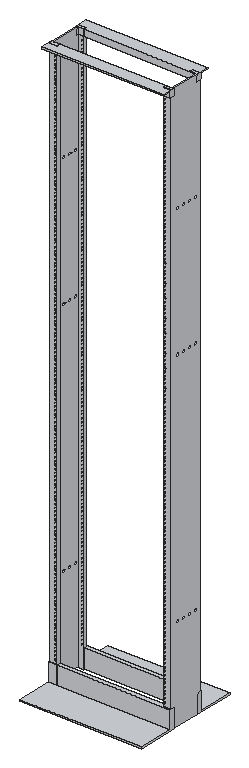
Revit family
Parameters
  Material ID = "760082503"
  Description = "6 IN (152 MM) CHANNEL X 8 FT (2438 MM)  - 19 IN (482.6 MM) AI EQUIPMENT RACK (52U)   12-24 TAPPED RAILS, BLACK"
Reference planes (in)
  plane 1 "Center (Front/Back)": y = 0
  plane 2: z = 0
  plane 3 "Center (Left/Right)": x = 0
Forms (in)
  Extrusion 1, solid, not visible
    sketch origin (0, -14.305, 0) x (1, 0, 0) y (0, 0, 1)
      loop
        line (-8.5516, 0.86) -> (-8.5516, 0.46) -> (-7.9516, 0.46) -> (-7.9516, 0.86) -> (-8.5516, 0.86)
    from 0 to 0.77696
  Extrusion 2, solid
    sketch origin (0, 0, -0.75) x (1, 0, 0) y (0, 0, 1)
      loop
        line (-10.155, 48) -> (-10.155, -48) -> (10.155, -48) -> (10.155, 48) -> (0, 48) -> (-10.155, 48)
    from 0 to 6
  Extrusion 3, void
    sketch origin (0, 0, 0) x (1, 0, 0) y (0, 0, 1)
      loop
        line (-8.905, 52.735) -> (-8.905, -50.62) -> (8.905, -50.62) -> (8.905, 52.735) -> (-8.905, 52.735)
    from 0 to 36
  Extrusion 4, solid
    sketch origin (0, 0, 0) x (0, 1, 0) y (0, 0, 1)
      loop
        line (-5.5, -48.75) -> (-5.5, -45.55) -> (-6.2, -45.55) -> (-6.2, -48.55) -> (-12.2, -48.55) -> (-12.2, -48.75) -> (-5.5, -48.75)
      loop
        line (-5.5, 47.25) -> (-7.575, 47.25) -> (-7.575, 47.05) -> (-6.2, 47.05) -> (-6.2, 46.19396) -> (-5.5, 46.19396) -> (-5.5, 47.25)
      loop
        line (-0.65329, 47.25) -> (-0.65329, 46.19396) -> (0.2, 46.19396) -> (0.2, 47.05) -> (1.575, 47.05) -> (1.575, 47.25) -> (-0.65329, 47.25)
      loop
        line (-0.39397, -48.75) -> (6.2, -48.75) -> (6.2, -48.55) -> (0.2, -48.55) -> (0.2, -45.55) -> (-0.39397, -45.55) -> (-0.39397, -48.75)
    from -10.155 to 10.155
  Extrusion 5, void
    sketch origin (0, 0, 0) x (0, 1, 0) y (0, 0, 1)
      loop
        circle (-3.375, -33) r 0.335
      loop
        circle (-4.625, -33) r 0.335
      loop
        circle (-3.375, 7) r 0.335
      loop
        circle (-4.625, 7) r 0.335
      loop
        circle (-3.375, 29) r 0.335
      loop
        circle (-4.625, 29) r 0.335
      loop
        circle (-0.875, -33) r 0.335
      loop
        circle (-2.125, -33) r 0.335
      loop
        circle (-0.875, 7) r 0.335
      loop
        circle (-2.125, 7) r 0.335
      loop
        circle (-0.875, 29) r 0.335
      loop
        circle (-2.125, 29) r 0.335
    from -24.88707 to 25.18322
  Extrusion 6, void
    sketch origin (0, 0, -14) x (1, 0, 0) y (0, 0, 1)
      loop
        circle (-9.175, 52.515) r 0.089
      loop
        circle (-9.175, 51.89) r 0.089
      loop
        circle (-9.175, 51.265) r 0.089
      loop
        circle (9.175, 52.515) r 0.089
      loop
        circle (9.175, 51.89) r 0.089
      loop
        circle (9.175, 51.265) r 0.089
    from 0 to 36
  Extrusion 7, void
    sketch origin (0, 0, -15.75) x (1, 0, 0) y (0, 0, 1)
      loop
        circle (-9.175, 52.515) r 0.089
      loop
        circle (-9.175, 51.89) r 0.089
      loop
        circle (-9.175, 51.265) r 0.089
      loop
        circle (9.175, 52.515) r 0.089
      loop
        circle (9.175, 51.89) r 0.089
      loop
        circle (9.175, 51.265) r 0.089
    from 0 to 36
  Extrusion 8, void
    sketch origin (0, 0, -17.5) x (1, 0, 0) y (0, 0, 1)
      loop
        circle (-9.175, 52.515) r 0.089
      loop
        circle (-9.175, 51.89) r 0.089
      loop
        circle (-9.175, 51.265) r 0.089
      loop
        circle (9.175, 52.515) r 0.089
      loop
        circle (9.175, 51.89) r 0.089
      loop
        circle (9.175, 51.265) r 0.089
    from 0 to 36
  Extrusion 9, void
    sketch origin (0, 0, -19.25) x (1, 0, 0) y (0, 0, 1)
      loop
        circle (-9.175, 52.515) r 0.089
      loop
        circle (-9.175, 51.89) r 0.089
      loop
        circle (-9.175, 51.265) r 0.089
      loop
        circle (9.175, 52.515) r 0.089
      loop
        circle (9.175, 51.89) r 0.089
      loop
        circle (9.175, 51.265) r 0.089
    from 0 to 36
  Extrusion 10, void
    sketch origin (0, 0, -21) x (1, 0, 0) y (0, 0, 1)
      loop
        circle (-9.175, 52.515) r 0.089
      loop
        circle (-9.175, 51.89) r 0.089
      loop
        circle (-9.175, 51.265) r 0.089
      loop
        circle (9.175, 52.515) r 0.089
      loop
        circle (9.175, 51.89) r 0.089
      loop
        circle (9.175, 51.265) r 0.089
    from 0 to 36
  Extrusion 11, void
    sketch origin (0, 0, -22.75) x (1, 0, 0) y (0, 0, 1)
      loop
        circle (-9.175, 52.515) r 0.089
      loop
        circle (-9.175, 51.89) r 0.089
      loop
        circle (-9.175, 51.265) r 0.089
      loop
        circle (9.175, 52.515) r 0.089
      loop
        circle (9.175, 51.89) r 0.089
      loop
        circle (9.175, 51.265) r 0.089
    from 0 to 36
  Extrusion 12, void
    sketch origin (0, 0, -24.5) x (1, 0, 0) y (0, 0, 1)
      loop
        circle (-9.175, 52.515) r 0.089
      loop
        circle (-9.175, 51.89) r 0.089
      loop
        circle (-9.175, 51.265) r 0.089
      loop
        circle (9.175, 52.515) r 0.089
      loop
        circle (9.175, 51.89) r 0.089
      loop
        circle (9.175, 51.265) r 0.089
    from 0 to 36
  Extrusion 13, void
    sketch origin (0, 0, -26.25) x (1, 0, 0) y (0, 0, 1)
      loop
        circle (-9.175, 52.515) r 0.089
      loop
        circle (-9.175, 51.89) r 0.089
      loop
        circle (-9.175, 51.265) r 0.089
      loop
        circle (9.175, 52.515) r 0.089
      loop
        circle (9.175, 51.89) r 0.089
      loop
        circle (9.175, 51.265) r 0.089
    from 0 to 36
  Extrusion 14, void
    sketch origin (0, 0, -28) x (1, 0, 0) y (0, 0, 1)
      loop
        circle (-9.175, 52.515) r 0.089
      loop
        circle (-9.175, 51.89) r 0.089
      loop
        circle (-9.175, 51.265) r 0.089
      loop
        circle (9.175, 52.515) r 0.089
      loop
        circle (9.175, 51.89) r 0.089
      loop
        circle (9.175, 51.265) r 0.089
    from 0 to 36
  Extrusion 15, void
    sketch origin (0, 0, -29.75) x (1, 0, 0) y (0, 0, 1)
      loop
        circle (-9.175, 52.515) r 0.089
      loop
        circle (-9.175, 51.89) r 0.089
      loop
        circle (-9.175, 51.265) r 0.089
      loop
        circle (9.175, 52.515) r 0.089
      loop
        circle (9.175, 51.89) r 0.089
      loop
        circle (9.175, 51.265) r 0.089
    from 0 to 36
  Extrusion 16, void
    sketch origin (0, 0, -31.5) x (1, 0, 0) y (0, 0, 1)
      loop
        circle (-9.175, 52.515) r 0.089
      loop
        circle (-9.175, 51.89) r 0.089
      loop
        circle (-9.175, 51.265) r 0.089
      loop
        circle (9.175, 52.515) r 0.089
      loop
        circle (9.175, 51.89) r 0.089
      loop
        circle (9.175, 51.265) r 0.089
    from 0 to 36
  Extrusion 17, void
    sketch origin (0, 0, -33.25) x (1, 0, 0) y (0, 0, 1)
      loop
        circle (-9.175, 52.515) r 0.089
      loop
        circle (-9.175, 51.89) r 0.089
      loop
        circle (-9.175, 51.265) r 0.089
      loop
        circle (9.175, 52.515) r 0.089
      loop
        circle (9.175, 51.89) r 0.089
      loop
        circle (9.175, 51.265) r 0.089
    from 0 to 36
  Extrusion 18, void
    sketch origin (0, 0, -35) x (1, 0, 0) y (0, 0, 1)
      loop
        circle (-9.175, 52.515) r 0.089
      loop
        circle (-9.175, 51.89) r 0.089
      loop
        circle (-9.175, 51.265) r 0.089
      loop
        circle (9.175, 52.515) r 0.089
      loop
        circle (9.175, 51.89) r 0.089
      loop
        circle (9.175, 51.265) r 0.089
    from 0 to 36
  Extrusion 19, void
    sketch origin (0, 0, -36.75) x (1, 0, 0) y (0, 0, 1)
      loop
        circle (-9.175, 52.515) r 0.089
      loop
        circle (-9.175, 51.89) r 0.089
      loop
        circle (-9.175, 51.265) r 0.089
      loop
        circle (9.175, 52.515) r 0.089
      loop
        circle (9.175, 51.89) r 0.089
      loop
        circle (9.175, 51.265) r 0.089
    from 0 to 36
  Extrusion 20, void
    sketch origin (0, 0, -38.5) x (1, 0, 0) y (0, 0, 1)
      loop
        circle (-9.175, 52.515) r 0.089
      loop
        circle (-9.175, 51.89) r 0.089
      loop
        circle (-9.175, 51.265) r 0.089
      loop
        circle (9.175, 52.515) r 0.089
      loop
        circle (9.175, 51.89) r 0.089
      loop
        circle (9.175, 51.265) r 0.089
    from 0 to 36
  Extrusion 21, void
    sketch origin (0, 0, -40.25) x (1, 0, 0) y (0, 0, 1)
      loop
        circle (-9.175, 52.515) r 0.089
      loop
        circle (-9.175, 51.89) r 0.089
      loop
        circle (-9.175, 51.265) r 0.089
      loop
        circle (9.175, 52.515) r 0.089
      loop
        circle (9.175, 51.89) r 0.089
      loop
        circle (9.175, 51.265) r 0.089
    from 0 to 36
  Extrusion 22, void
    sketch origin (0, 0, -42) x (1, 0, 0) y (0, 0, 1)
      loop
        circle (-9.175, 52.515) r 0.089
      loop
        circle (-9.175, 51.89) r 0.089
      loop
        circle (-9.175, 51.265) r 0.089
      loop
        circle (9.175, 52.515) r 0.089
      loop
        circle (9.175, 51.89) r 0.089
      loop
        circle (9.175, 51.265) r 0.089
    from 0 to 36
  Extrusion 23, void
    sketch origin (0, 0, -43.75) x (1, 0, 0) y (0, 0, 1)
      loop
        circle (-9.175, 52.515) r 0.089
      loop
        circle (-9.175, 51.89) r 0.089
      loop
        circle (-9.175, 51.265) r 0.089
      loop
        circle (9.175, 52.515) r 0.089
      loop
        circle (9.175, 51.89) r 0.089
      loop
        circle (9.175, 51.265) r 0.089
    from 0 to 36
  Extrusion 24, void
    sketch origin (0, 0, -45.5) x (1, 0, 0) y (0, 0, 1)
      loop
        circle (-9.175, 52.515) r 0.089
      loop
        circle (-9.175, 51.89) r 0.089
      loop
        circle (-9.175, 51.265) r 0.089
      loop
        circle (9.175, 52.515) r 0.089
      loop
        circle (9.175, 51.89) r 0.089
      loop
        circle (9.175, 51.265) r 0.089
    from 0 to 36
  Extrusion 25, void
    sketch origin (0, 0, -47.25) x (1, 0, 0) y (0, 0, 1)
      loop
        circle (-9.175, 52.515) r 0.089
      loop
        circle (-9.175, 51.89) r 0.089
      loop
        circle (-9.175, 51.265) r 0.089
      loop
        circle (9.175, 52.515) r 0.089
      loop
        circle (9.175, 51.89) r 0.089
      loop
        circle (9.175, 51.265) r 0.089
    from 0 to 36
  Extrusion 26, void
    sketch origin (0, 0, -49) x (1, 0, 0) y (0, 0, 1)
      loop
        circle (-9.175, 52.515) r 0.089
      loop
        circle (-9.175, 51.89) r 0.089
      loop
        circle (-9.175, 51.265) r 0.089
      loop
        circle (9.175, 52.515) r 0.089
      loop
        circle (9.175, 51.89) r 0.089
      loop
        circle (9.175, 51.265) r 0.089
    from 0 to 36
  Extrusion 27, void
    sketch origin (0, 0, -50.75) x (1, 0, 0) y (0, 0, 1)
      loop
        circle (-9.175, 52.515) r 0.089
      loop
        circle (-9.175, 51.89) r 0.089
      loop
        circle (-9.175, 51.265) r 0.089
      loop
        circle (9.175, 52.515) r 0.089
      loop
        circle (9.175, 51.89) r 0.089
      loop
        circle (9.175, 51.265) r 0.089
    from 0 to 36
  Extrusion 28, void
    sketch origin (0, 0, -52.5) x (1, 0, 0) y (0, 0, 1)
      loop
        circle (-9.175, 52.515) r 0.089
      loop
        circle (-9.175, 51.89) r 0.089
      loop
        circle (-9.175, 51.265) r 0.089
      loop
        circle (9.175, 52.515) r 0.089
      loop
        circle (9.175, 51.89) r 0.089
      loop
        circle (9.175, 51.265) r 0.089
    from 0 to 36
  Extrusion 29, void
    sketch origin (0, 0, -54.25) x (1, 0, 0) y (0, 0, 1)
      loop
        circle (-9.175, 52.515) r 0.089
      loop
        circle (-9.175, 51.89) r 0.089
      loop
        circle (-9.175, 51.265) r 0.089
      loop
        circle (9.175, 52.515) r 0.089
      loop
        circle (9.175, 51.89) r 0.089
      loop
        circle (9.175, 51.265) r 0.089
    from 0 to 36
  Extrusion 30, void
    sketch origin (0, 0, -56) x (1, 0, 0) y (0, 0, 1)
      loop
        circle (-9.175, 52.515) r 0.089
      loop
        circle (-9.175, 51.89) r 0.089
      loop
        circle (-9.175, 51.265) r 0.089
      loop
        circle (9.175, 52.515) r 0.089
      loop
        circle (9.175, 51.89) r 0.089
      loop
        circle (9.175, 51.265) r 0.089
    from 0 to 36
  Extrusion 31, void
    sketch origin (0, 0, -57.75) x (1, 0, 0) y (0, 0, 1)
      loop
        circle (-9.175, 52.515) r 0.089
      loop
        circle (-9.175, 51.89) r 0.089
      loop
        circle (-9.175, 51.265) r 0.089
      loop
        circle (9.175, 52.515) r 0.089
      loop
        circle (9.175, 51.89) r 0.089
      loop
        circle (9.175, 51.265) r 0.089
    from 0 to 36
  Extrusion 32, void
    sketch origin (0, 0, -59.5) x (1, 0, 0) y (0, 0, 1)
      loop
        circle (-9.175, 52.515) r 0.089
      loop
        circle (-9.175, 51.89) r 0.089
      loop
        circle (-9.175, 51.265) r 0.089
      loop
        circle (9.175, 52.515) r 0.089
      loop
        circle (9.175, 51.89) r 0.089
      loop
        circle (9.175, 51.265) r 0.089
    from 0 to 36
  Extrusion 33, void
    sketch origin (0, 0, -61.25) x (1, 0, 0) y (0, 0, 1)
      loop
        circle (-9.175, 52.515) r 0.089
      loop
        circle (-9.175, 51.89) r 0.089
      loop
        circle (-9.175, 51.265) r 0.089
      loop
        circle (9.175, 52.515) r 0.089
      loop
        circle (9.175, 51.89) r 0.089
      loop
        circle (9.175, 51.265) r 0.089
    from 0 to 36
  Extrusion 34, void
    sketch origin (0, 0, -63) x (1, 0, 0) y (0, 0, 1)
      loop
        circle (-9.175, 52.515) r 0.089
      loop
        circle (-9.175, 51.89) r 0.089
      loop
        circle (-9.175, 51.265) r 0.089
      loop
        circle (9.175, 52.515) r 0.089
      loop
        circle (9.175, 51.89) r 0.089
      loop
        circle (9.175, 51.265) r 0.089
    from 0 to 36
  Extrusion 35, void
    sketch origin (0, 0, -64.75) x (1, 0, 0) y (0, 0, 1)
      loop
        circle (-9.175, 52.515) r 0.089
      loop
        circle (-9.175, 51.89) r 0.089
      loop
        circle (-9.175, 51.265) r 0.089
      loop
        circle (9.175, 52.515) r 0.089
      loop
        circle (9.175, 51.89) r 0.089
      loop
        circle (9.175, 51.265) r 0.089
    from 0 to 36
  Extrusion 36, void
    sketch origin (0, 0, -66.5) x (1, 0, 0) y (0, 0, 1)
      loop
        circle (-9.175, 52.515) r 0.089
      loop
        circle (-9.175, 51.89) r 0.089
      loop
        circle (-9.175, 51.265) r 0.089
      loop
        circle (9.175, 52.515) r 0.089
      loop
        circle (9.175, 51.89) r 0.089
      loop
        circle (9.175, 51.265) r 0.089
    from 0 to 36
  Extrusion 37, void
    sketch origin (0, 0, -68.25) x (1, 0, 0) y (0, 0, 1)
      loop
        circle (-9.175, 52.515) r 0.089
      loop
        circle (-9.175, 51.89) r 0.089
      loop
        circle (-9.175, 51.265) r 0.089
      loop
        circle (9.175, 52.515) r 0.089
      loop
        circle (9.175, 51.89) r 0.089
      loop
        circle (9.175, 51.265) r 0.089
    from 0 to 36
  Extrusion 38, void
    sketch origin (0, 0, -70) x (1, 0, 0) y (0, 0, 1)
      loop
        circle (-9.175, 52.515) r 0.089
      loop
        circle (-9.175, 51.89) r 0.089
      loop
        circle (-9.175, 51.265) r 0.089
      loop
        circle (9.175, 52.515) r 0.089
      loop
        circle (9.175, 51.89) r 0.089
      loop
        circle (9.175, 51.265) r 0.089
    from 0 to 36
  Extrusion 39, void
    sketch origin (0, 0, -71.75) x (1, 0, 0) y (0, 0, 1)
      loop
        circle (-9.175, 52.515) r 0.089
      loop
        circle (-9.175, 51.89) r 0.089
      loop
        circle (-9.175, 51.265) r 0.089
      loop
        circle (9.175, 52.515) r 0.089
      loop
        circle (9.175, 51.89) r 0.089
      loop
        circle (9.175, 51.265) r 0.089
    from 0 to 36
  Extrusion 40, void
    sketch origin (0, 0, -73.5) x (1, 0, 0) y (0, 0, 1)
      loop
        circle (-9.175, 52.515) r 0.089
      loop
        circle (-9.175, 51.89) r 0.089
      loop
        circle (-9.175, 51.265) r 0.089
      loop
        circle (9.175, 52.515) r 0.089
      loop
        circle (9.175, 51.89) r 0.089
      loop
        circle (9.175, 51.265) r 0.089
    from 0 to 36
  Extrusion 41, void
    sketch origin (0, 0, -75.25) x (1, 0, 0) y (0, 0, 1)
      loop
        circle (-9.175, 52.515) r 0.089
      loop
        circle (-9.175, 51.89) r 0.089
      loop
        circle (-9.175, 51.265) r 0.089
      loop
        circle (9.175, 52.515) r 0.089
      loop
        circle (9.175, 51.89) r 0.089
      loop
        circle (9.175, 51.265) r 0.089
    from 0 to 36
  Extrusion 42, void
    sketch origin (0, 0, -77) x (1, 0, 0) y (0, 0, 1)
      loop
        circle (-9.175, 52.515) r 0.089
      loop
        circle (-9.175, 51.89) r 0.089
      loop
        circle (-9.175, 51.265) r 0.089
      loop
        circle (9.175, 52.515) r 0.089
      loop
        circle (9.175, 51.89) r 0.089
      loop
        circle (9.175, 51.265) r 0.089
    from 0 to 36
  Extrusion 43, void
    sketch origin (0, 0, -78.75) x (1, 0, 0) y (0, 0, 1)
      loop
        circle (-9.175, 52.515) r 0.089
      loop
        circle (-9.175, 51.89) r 0.089
      loop
        circle (-9.175, 51.265) r 0.089
      loop
        circle (9.175, 52.515) r 0.089
      loop
        circle (9.175, 51.89) r 0.089
      loop
        circle (9.175, 51.265) r 0.089
    from 0 to 36
  Extrusion 44, void
    sketch origin (0, 0, -80.5) x (1, 0, 0) y (0, 0, 1)
      loop
        circle (-9.175, 52.515) r 0.089
      loop
        circle (-9.175, 51.89) r 0.089
      loop
        circle (-9.175, 51.265) r 0.089
      loop
        circle (9.175, 52.515) r 0.089
      loop
        circle (9.175, 51.89) r 0.089
      loop
        circle (9.175, 51.265) r 0.089
    from 0 to 36
  Extrusion 45, void
    sketch origin (0, 0, -82.25) x (1, 0, 0) y (0, 0, 1)
      loop
        circle (-9.175, 52.515) r 0.089
      loop
        circle (-9.175, 51.89) r 0.089
      loop
        circle (-9.175, 51.265) r 0.089
      loop
        circle (9.175, 52.515) r 0.089
      loop
        circle (9.175, 51.89) r 0.089
      loop
        circle (9.175, 51.265) r 0.089
    from 0 to 36
  Extrusion 46, void
    sketch origin (0, 0, -84) x (1, 0, 0) y (0, 0, 1)
      loop
        circle (-9.175, 52.515) r 0.089
      loop
        circle (-9.175, 51.89) r 0.089
      loop
        circle (-9.175, 51.265) r 0.089
      loop
        circle (9.175, 52.515) r 0.089
      loop
        circle (9.175, 51.89) r 0.089
      loop
        circle (9.175, 51.265) r 0.089
    from 0 to 36
  Extrusion 47, void
    sketch origin (0, 0, -85.75) x (1, 0, 0) y (0, 0, 1)
      loop
        circle (-9.175, 52.515) r 0.089
      loop
        circle (-9.175, 51.89) r 0.089
      loop
        circle (-9.175, 51.265) r 0.089
      loop
        circle (9.175, 52.515) r 0.089
      loop
        circle (9.175, 51.89) r 0.089
      loop
        circle (9.175, 51.265) r 0.089
    from 0 to 36
  Extrusion 48, void
    sketch origin (0, 0, -87.5) x (1, 0, 0) y (0, 0, 1)
      loop
        circle (-9.175, 52.515) r 0.089
      loop
        circle (-9.175, 51.89) r 0.089
      loop
        circle (-9.175, 51.265) r 0.089
      loop
        circle (9.175, 52.515) r 0.089
      loop
        circle (9.175, 51.89) r 0.089
      loop
        circle (9.175, 51.265) r 0.089
    from 0 to 36
  Extrusion 49, void
    sketch origin (0, 0, -89.25) x (1, 0, 0) y (0, 0, 1)
      loop
        circle (-9.175, 52.515) r 0.089
      loop
        circle (-9.175, 51.89) r 0.089
      loop
        circle (-9.175, 51.265) r 0.089
      loop
        circle (9.175, 52.515) r 0.089
      loop
        circle (9.175, 51.89) r 0.089
      loop
        circle (9.175, 51.265) r 0.089
    from 0 to 36
  Extrusion 50, void
    sketch origin (0, 0, -91) x (1, 0, 0) y (0, 0, 1)
      loop
        circle (-9.175, 52.515) r 0.089
      loop
        circle (-9.175, 51.89) r 0.089
      loop
        circle (-9.175, 51.265) r 0.089
      loop
        circle (9.175, 52.515) r 0.089
      loop
        circle (9.175, 51.89) r 0.089
      loop
        circle (9.175, 51.265) r 0.089
    from 0 to 36
  Extrusion 51, void
    sketch origin (0, 0, -94.5) x (1, 0, 0) y (0, 0, 1)
      loop
        circle (-9.175, 52.515) r 0.089
      loop
        circle (-9.175, 51.89) r 0.089
      loop
        circle (-9.175, 51.265) r 0.089
      loop
        circle (9.175, 52.515) r 0.089
      loop
        circle (9.175, 51.89) r 0.089
      loop
        circle (9.175, 51.265) r 0.089
    from 0 to 12
  Extrusion 52, void
    sketch origin (0, 0, -96.25) x (1, 0, 0) y (0, 0, 1)
      loop
        circle (-9.175, 52.515) r 0.089
      loop
        circle (-9.175, 51.89) r 0.089
      loop
        circle (-9.175, 51.265) r 0.089
      loop
        circle (9.175, 52.515) r 0.089
      loop
        circle (9.175, 51.89) r 0.089
      loop
        circle (9.175, 51.265) r 0.089
    from 0 to 12
  Extrusion 53, void
    sketch origin (0, -6, 47.25) x (1, 0, 0) y (0, -1, 0)
      loop
        line (-9.92376, -5.5) -> (9.88674, -5.5) -> (9.88674, -0.5) -> (-9.92376, -0.5) -> (-9.92376, -5.5)
    from 0 to 103.50785
  Extrusion 54, void
    sketch origin (0, 0, -12.25) x (1, 0, 0) y (0, 0, 1)
      loop
        circle (-9.175, 52.515) r 0.089
      loop
        circle (-9.175, 51.89) r 0.089
      loop
        circle (-9.175, 51.265) r 0.089
      loop
        circle (9.175, 52.515) r 0.089
      loop
        circle (9.175, 51.89) r 0.089
      loop
        circle (9.175, 51.265) r 0.089
    from 0 to 36
  Extrusion 55, void
    sketch origin (0, 0, -10.5) x (1, 0, 0) y (0, 0, 1)
      loop
        circle (-9.175, 52.515) r 0.089
      loop
        circle (-9.175, 51.89) r 0.089
      loop
        circle (-9.175, 51.265) r 0.089
      loop
        circle (9.175, 52.515) r 0.089
      loop
        circle (9.175, 51.89) r 0.089
      loop
        circle (9.175, 51.265) r 0.089
    from 0 to 36
  Extrusion 56, void
    sketch origin (0, 0, -8.75) x (1, 0, 0) y (0, 0, 1)
      loop
        circle (-9.175, 52.515) r 0.089
      loop
        circle (-9.175, 51.89) r 0.089
      loop
        circle (-9.175, 51.265) r 0.089
      loop
        circle (9.175, 52.515) r 0.089
      loop
        circle (9.175, 51.89) r 0.089
      loop
        circle (9.175, 51.265) r 0.089
    from 0 to 36
  Extrusion 57, void
    sketch origin (0, 0, -92.75) x (1, 0, 0) y (0, 0, 1)
      loop
        circle (-9.175, 52.515) r 0.089
      loop
        circle (-9.175, 51.89) r 0.089
      loop
        circle (-9.175, 51.265) r 0.089
      loop
        circle (9.175, 52.515) r 0.089
      loop
        circle (9.175, 51.89) r 0.089
      loop
        circle (9.175, 51.265) r 0.089
    from 0 to 36
  Extrusion 58, void
    sketch origin (0, 0, -7) x (1, 0, 0) y (0, 0, 1)
      loop
        circle (-9.175, 52.515) r 0.089
      loop
        circle (-9.175, 51.89) r 0.089
      loop
        circle (-9.175, 51.265) r 0.089
      loop
        circle (9.175, 52.515) r 0.089
      loop
        circle (9.175, 51.89) r 0.089
      loop
        circle (9.175, 51.265) r 0.089
    from 0 to 36
Cuts and joins
  Extrusion 3, Extrusion 5, Extrusion 6, Extrusion 7, Extrusion 8, Extrusion 9, Extrusion 10, Extrusion 11, Extrusion 12, Extrusion 13, Extrusion 14, Extrusion 15, Extrusion 16, Extrusion 17, Extrusion 18, Extrusion 19, Extrusion 20, Extrusion 21, Extrusion 22, Extrusion 23, Extrusion 24, Extrusion 25, Extrusion 26, Extrusion 27, Extrusion 28, Extrusion 29, Extrusion 30, Extrusion 31, Extrusion 32, Extrusion 33, Extrusion 34, Extrusion 35, Extrusion 36, Extrusion 37, Extrusion 38, Extrusion 39, Extrusion 40, Extrusion 41, Extrusion 42, Extrusion 43, Extrusion 44, Extrusion 45, Extrusion 46, Extrusion 47, Extrusion 48, Extrusion 49, Extrusion 50, Extrusion 51, Extrusion 52, Extrusion 53, Extrusion 54, Extrusion 55, Extrusion 56, Extrusion 57, Extrusion 58 cuts Extrusion 2
  Extrusion 5, Extrusion 6, Extrusion 7, Extrusion 8, Extrusion 9, Extrusion 10, Extrusion 11, Extrusion 12, Extrusion 13, Extrusion 14, Extrusion 15, Extrusion 16, Extrusion 17, Extrusion 18, Extrusion 19, Extrusion 20, Extrusion 21, Extrusion 22, Extrusion 23, Extrusion 24, Extrusion 25, Extrusion 26, Extrusion 27, Extrusion 28, Extrusion 29, Extrusion 30, Extrusion 31, Extrusion 32, Extrusion 33, Extrusion 34, Extrusion 35, Extrusion 36, Extrusion 37, Extrusion 38, Extrusion 39, Extrusion 40, Extrusion 41, Extrusion 42, Extrusion 43, Extrusion 44, Extrusion 45, Extrusion 46, Extrusion 47, Extrusion 48, Extrusion 49, Extrusion 50, Extrusion 51, Extrusion 52, Extrusion 53, Extrusion 54, Extrusion 55, Extrusion 56, Extrusion 57, Extrusion 58 cuts Extrusion 4
